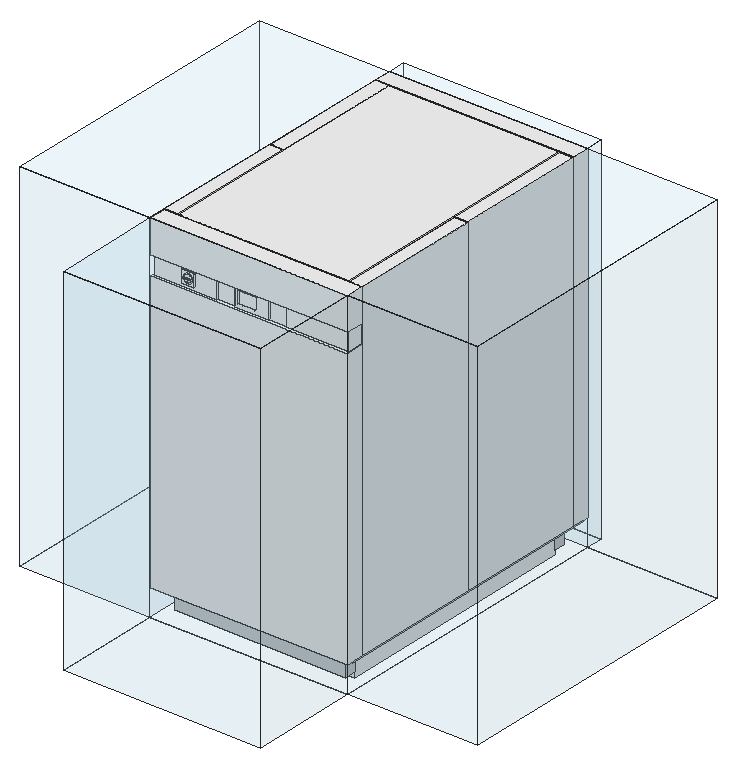
Revit family "VIESSMANN - Vitocal 300-G Pro", category Wyposażenie mechaniczne, Revit 2017
Family settings
  Wymiar okrągłego złącza = Użyj średnicy
  Typ części = Normalny
  Numer OmniClass = 23.75.10.21.17
  Tytuł OmniClass = Water-Source Heat Pumps
  Oparty na płaszczyźnie roboczej = Nie
  Zawsze pionowo = Tak
  Tnij formami wycięć po wczytaniu = Nie
  Współdzielony = Nie
  Punkt obliczania pomieszczeń = Nie
Parameters (values of type "BW 302.D090. Solanka/woda (B0/W35)")
  Średnica odejścia 2 = 65 mm
  Średnica odejścia 1 = 80 mm
  etas MT = 140
  etas LT = 189
  Znamionowa moc grzewcza = 84.8 kW
  Zasilanie elektryczne (V/ph/Hz) = "3LNPE/400 V/50 Hz"
  Zabezpieczenie pompy ciepła = 80 A
  Wysokość całkowita = 1650 mm
  Wydajność chłodnicza = 67.6 kW
  Współczynnik mocy = [Cos Phi sprężarki przy maks. mocy w B20/W35]  # 0.77
  Wielkość napełnienia (wytyczna) = 10.50 kg
  Viessmann Kolor 1 = Viessmann Kolor 1
  URL = "https://www.viessmann-projektant.pl/baza-urzadzen/pompy-ciepla-solankawoda-50-kw/vitocal300gpro"
  Typ = Vitocal 300-G Pro : BW 302.D090, BW 302.D110
  Szerokość przy wstawianiu bez osłon bocznych = 850 mm
  Szerokość całkowita = 911 mm
  System rozruchowy = "Moduł łagodnego rozruchu"
  Strefa serwisowa [instance] = yes
  Stopień ochrony = "IP20"
  Stopień efektywności ε (COP) = 4.67
  SCOP MT = 3.71
  SCOP LT = 4.93
  Rodzaj sprężarki = "Scroll - całkowicie hermetyczna"
  Regulator. Zabezpieczenie (wewnętrzne) = "1 x B16A"
  Regulator. Napięcie znamionowe = "1/N/PE 230 V/50 Hz"
  Regulator. Moc znamionowa = 1000 W
  Regulator. Maks. pobór mocy elektrycznej 2. stopnia = 20 W
  Regulator. Maks. pobór mocy elektrycznej 1. stopnia = 25 W
  Regulator. Maks. pobór mocy elektrycznej 1. i 2. stopnia = 45 W
  Regulator. Klasa ochrony/stopnień ochrony = "IP20"
  Regulator. Bezpiecznik = "T6,3AH/250 V"
  Prąd rozruchowy jednej sprężarki = 87 A
  Producent = "Viessmann Sp. z o.o."
  Poziom mocy akustycznej = "57 dB(A)"
  Podłączenie D wysokość = 639 mm
  Podłączenie D odsunięcie = 300 mm
  Podłączenie C wysokość = 609 mm
  Podłączenie C odsunięcie = 271 mm
  Podłączenie B wysokość = 1169 mm
  Podłączenie B odsunięcie = 300 mm
  Podłączenie A wysokość = 1139 mm
  Podłączenie A odsunięcie = 271 mm
  Pobór mocy elektrycznej = 18.1 kW
  Opis = "Pompy ciepła z napędem elektrycznym do ogrzewania i podgrzewu ciepłej wody użytkowej w jedno- lub dwusystemowych instalacjach grzewczych."
  Odsunięcie od ściany komunikat [instance] = if(Odsunięcie od ściany < 80 mm, "UWAGA. Wymagana jest odległość od ściany ≥ 80 mm", "ok")  # "ok"
  Odsunięcie od ściany [instance] = 80 mm
  Obieg wtórny. Znamionowy przepływ objętościowy (wartość zalecana do projektowania) = 14.7 m³/h
  Obieg wtórny. Różnica temperatur = 5  # 5 °C
  Obieg wtórny. Pojemność wymiennika ciepła (woda) = 15.2 L
  Obieg wtórny. Opór przepływu przy znamionowym przepływie objętościowym (całkowita strata ciśnienia skraplacza z przyłączami) = 6.0 kPa
  Obieg wtórny. Opór przepływu przy minimalnym przepływie objętościowym = 3.0 kPa
  Obieg wtórny. Minimalny przepływ objętościowy = 11.0 m³/h
  Obieg wtórny. Maks. temperatura na zasilaniu na wlocie z obiegu pierwotnego B 0°C = 55 °C
  Obieg wtórny. Maks. temperatura na zasilaniu na wlocie z obiegu pierwotnego B +5°C = 60 °C
  Obieg wtórny. Dop. ciśnienie robocze = 1.0 MPa
  Obieg wtórny od strony zestawu przyłączy (kołnierz) = "DN 65/PN 10"
  Obieg wtórny od strony skraplacza (Victaulic) = "2½\" (DN 65)"
  Obieg pierwotny. Znamionowy przepływ objętościowy (wartość zalecana do projektowania) = 20.5 m³/h
  Obieg pierwotny. Różnica temperatur = 3  # 3 °C
  Obieg pierwotny. Pojemność wymiennika ciepła (solanka) = 10.5 L
  Obieg pierwotny. Opór przepływu przy znamionowym przepływie objętościowym (całkowita strata ciśnienia skraplacza z przyłączami) = 29.0 kPa
  Obieg pierwotny. Opór przepływu przy minimalnym przepływie objętościowym = 16.0 kPa
  Obieg pierwotny. Ochrona przed zamarzaniem/temperatura początku krystalizacji (zalecany czynnik chłodzący Tyfocor) = -16.1 °C
  Obieg pierwotny. Minimalny przepływ objętościowy = 15.4 m³/h
  Obieg pierwotny. Dop. ciśnienie robocze = 1.0 MPa
  Obieg pierwotny od strony zestawu przyłączy (kołnierz) = "DN 80/PN 10"
  Obieg pierwotny od strony parownika (Victaulic) = "3\" (DN 80)"
  Obciążenie pozorne = Całkowity maksymalny pobór mocy / Współczynnik mocy  # 62337.7 VA
  Natężenie znamionowe sprężarek (łącznie) = 40.3 A
  Napięcie znamionowe = 400 V
  Model = "Solankowa pompa ciepła Vitocal 300-G PRO 80kW / Brine-water heat pump Vitocal 300-G PRO 80kW"  # constant formula
  Masa całkowita (urządzenie podstawowe bez opcjonalnej obudowy) = 680.00 kg
  Maks. prąd roboczy = 71 A
  Liczba sprężarek = 2
  Liczba obiegów chłodniczych = 1
  Liczba biegunów = 3  # constant formula
  Ilość oleju = 8.5 L
  Długość całkowita = 1383 mm
  Dopuszczalne ciśnienie robocze. Strona wysokociśnieniowa = 4.5 MPa
  Dopuszczalne ciśnienie robocze. Strona niskociśnieniowa = 1.8 MPa
  Częstotliwość = 50 Hz
  Czynnik chłodniczy = "R410A"
  Cos Phi sprężarki przy maks. mocy w B20/W35 = 0.77
  Całkowity prąd rozruchowy = 145 A
  Całkowity maksymalny pobór mocy = 48.0 kW
  Autor = "www.archispace.pl"
Types (6, lengths in mm): name | etas MT | etas LT | Znamionowa moc grzewcza | Zabezpieczenie pompy ciepła | Wydajność chłodnicza | Współczynnik mocy | Wielkość napełnienia (wytyczna) | Typ | Stopień efektywności ε (COP) | SCOP MT | SCOP LT | Prąd rozruchowy jednej sprężarki | Poziom mocy akustycznej | Pobór mocy elektrycznej | Obieg wtórny. Znamionowy przepływ objętościowy (wartość zalecana do projektowania) | Obieg wtórny. Różnica temperatur | Obieg wtórny. Pojemność wymiennika ciepła (woda) | Obieg wtórny. Opór przepływu przy znamionowym przepływie objętościowym (całkowita strata ciśnienia skraplacza z przyłączami) | Obieg wtórny. Opór przepływu przy minimalnym przepływie objętościowym | Obieg wtórny. Minimalny przepływ objętościowy | Obieg wtórny. Dop. ciśnienie robocze | Obieg pierwotny. Znamionowy przepływ objętościowy (wartość zalecana do projektowania) | Obieg pierwotny. Różnica temperatur | Obieg pierwotny. Pojemność wymiennika ciepła (solanka) | Obieg pierwotny. Opór przepływu przy znamionowym przepływie objętościowym (całkowita strata ciśnienia skraplacza z przyłączami) | Obieg pierwotny. Opór przepływu przy minimalnym przepływie objętościowym | Obieg pierwotny. Minimalny przepływ objętościowy | Obieg pierwotny. Dop. ciśnienie robocze | Obciążenie pozorne | Natężenie znamionowe sprężarek (łącznie) | Masa całkowita (urządzenie podstawowe bez opcjonalnej obudowy) | Maks. prąd roboczy | Ilość oleju | Długość całkowita | Cos Phi sprężarki przy maks. mocy w B20/W35 | Całkowity prąd rozruchowy | Całkowity maksymalny pobór mocy
  (no name) | 140 | 189 | 84.8 kW | 80 A | 67.6 kW | 0.77 | 10.50 kg | Vitocal 300-G Pro : BW 302.D090, BW 302.D110 | 4.67 | 3.71 | 4.93 | 87 A | "57 dB(A)" | 18.1 kW | 14.7 m³/h | 5 (stored number, unit not read) | 15.2 L | 6.0 kPa | 3.0 kPa | 11.0 m³/h | 1.0 MPa | 20.5 m³/h | 3 (stored number, unit not read) | 10.5 L | 29.0 kPa | 16.0 kPa | 15.4 m³/h | 1.0 MPa | 62337.7 VA | 40.3 A | 680.00 kg | 71 A | 8.5 L | 1383 | 0.77 | 145 A | 48.0 kW
  BW 302.D090. Solanka/woda (B0/W35) | 140 | 189 | 84.8 kW | 80 A | 67.6 kW | 0.77 | 10.50 kg | Vitocal 300-G Pro : BW 302.D090, BW 302.D110 | 4.67 | 3.71 | 4.93 | 87 A | "57 dB(A)" | 18.1 kW | 14.7 m³/h | 5 °C | 15.2 L | 6.0 kPa | 3.0 kPa | 11.0 m³/h | 1.0 MPa | 20.5 m³/h | 3 °C | 10.5 L | 29.0 kPa | 16.0 kPa | 15.4 m³/h | 1.0 MPa | 62337.7 VA | 40.3 A | 680.00 kg | 71 A | 8.5 L | 1383 | 0.77 | 145 A | 48.0 kW
  BW 302.D110. Solanka/woda (B0/W35) | 138 | 186 | 108.6 kW | 100 A | 86.4 kW | 0.9 | 13.00 kg | Vitocal 300-G Pro : BW 302.D090, BW 302.D110 | 4.61 | 3.66 | 4.85 | 112.5 A | "63 dB(A)" | 23.5 kW | 19.5 m³/h | 5 °C | 19.2 L | 7.0 kPa | 4.0 kPa | 14.6 m³/h | 0.1 MPa | 27.9 m³/h | 3 °C | 10.5 L | 35.0 kPa | 19.0 kPa | 20.9 m³/h | 0.1 MPa | 66666.7 VA | 44.9 A | 860.00 kg | 83 A | 11.4 L | 1383 | 0.9 | 177 A | 60.0 kW
  BW 302.D140. Solanka/woda (B0/W35) | 140 | 187 | 137.6 kW | 125 A | 109.4 kW | 0.89 | 17.00 kg | Vitocal 300-G Pro : BW 302.D140, BW 302.D180 | 4.63 | 3.69 | 4.89 | 136 A | "66 dB(A)" | 29.7 kW | 23.8 m³/h | 5 °C | 23.2 L | 8.0 kPa | 4.0 kPa | 17.9 m³/h | 0.1 MPa | 33.3 m³/h | 3 °C | 17.4 L | 31.0 kPa | 17.0 kPa | 25.0 m³/h | 0.1 MPa | 82022.5 VA | 57 A | 1150.00 kg | 124 A | 15.6 L | 1972 | 0.89 | 215 A | 73.0 kW
  BW 302.D180. Solanka/woda (B0/W35) | 138 | 188 | 174.8 kW | 80 A | 138.8 kW | 0.77 | 22.00 kg | Vitocal 300-G Pro : BW 302.D140, BW 302.D180 | 4.62 | 3.65 | 4.91 | 87 A | "65 dB(A)" | 37.8 kW | 32.4 m³/h | 5 °C | 28.3 L | 10.0 kPa | 5.0 kPa | 24.3 m³/h | 0.1 MPa | 47.3 m³/h | 3 °C | 23.0 L | 31.0 kPa | 17.0 kPa | 35.4 m³/h | 0.1 MPa | 62337.7 VA | 69.9 A | 150.00 kg | 71 A | 14.6 L | 1972 | 0.77 | 145 A | 48.0 kW
  BW 302.D230. Solanka/woda (B0/W35) | 143 | 193 | 222.0 kW | 200 A | 177.4 kW | 0.88 | 42.30 kg | Vitocal 300-G Pro : BW 302.D230 | 4.72 | 3.77 | 5.03 | 204 A | "57 dB(A)" | 47.0 kW | 38.46 m³/h | 5 °C | 53.6 L | 10.0 kPa | 6.0 kPa | 28.8 m³/h | 0.1 MPa | 53.7 m³/h | 3 °C | 52.4 L | 26.09 kPa | 15.0 kPa | 40.3 m³/h | 0.1 MPa | 122727.3 VA | 85.6 A | 680.00 kg | 182 A | 14.6 L | 1972 | 0.88 | 312 A | 108.0 kW
Reference planes
  plane 1 "Środek (Przód/Tył)": y = -30
  plane 2: z = 0
  plane 3 "Środek (Lewa/Prawa)": x = 0
  plane 4: y = 50
  plane 5: y = -1413
Forms (mm)
  Extrusion 1, solid, material "Viessmann Strefy Serwisowe", visible <- "Strefa serwisowa"
    sketch origin (0, 0, 0) x (1, 0, 0) y (0, 1, 0)
      loop
        line (-455.5, -30) -> (-1055.5, -30) -> (-1055.5, -1413) -> (-455.5, -1413) -> (-455.5, -30)
    from 0 to 1650
  Extrusion 2, solid, material "Viessmann Strefy Serwisowe", visible <- "Strefa serwisowa"
    sketch origin (0, 0, 0) x (-1, 0, 0) y (0, -1, 0)
      loop
        line (-455.5, 30) -> (-455.5, 1413) -> (-1055.5, 1413) -> (-1055.5, 30) -> (-455.5, 30)
    from 0 to 1650
  Extrusion 3, solid, material "Viessmann Strefy Serwisowe", visible <- "Strefa serwisowa"
    sketch origin (1476.269, 2188.659, 0) x (1, 0, 0) y (0, 1, 0)
      loop
        line (-1020.769, -2138.659) -> (-1931.769, -2138.659) -> (-1931.769, -2218.659) -> (-1020.769, -2218.659) -> (-1020.769, -2138.659)
    from 0 to 1650
  Extrusion 4, solid, material "Viessmann Strefy Serwisowe", visible <- "Strefa serwisowa"
    sketch origin (1476.269, 248.659, 0) x (1, 0, 0) y (0, 1, 0)
      loop
        line (-1020.769, -1661.659) -> (-1931.769, -1661.659) -> (-1931.769, -2161.659) -> (-1020.769, -2161.659) -> (-1020.769, -1661.659)
    from 0 to 1650
  Sweep 5, solid, not visible
    path origin (0, 0, 0) x (0, 1, 0) y (0, 0, 1)
      loop
        line (-30, 0) -> (-80, 0)
    profile origin (0, -55, 0) x (0, 0, -1) y (1, 0, 0)
      loop
        circle (-1139, 184.5) r 5
      loop
        circle (-1169, -155.5) r 5
      loop
        circle (-609, 184.5) r 5
      loop
        circle (-639, -155.5) r 5
Dimensions and locks
  locked: Extrusion 1 sketch curve to Extrusion 1 sketch curve at 600
  locked: Extrusion 2 sketch curve to Extrusion 2 sketch curve at 600
  Extrusion 3 sketch curve to Extrusion 3 sketch curve = 911 mm
  Extrusion 4 to Extrusion 4 = 500 mm
  locked: Extrusion 1 sketch curve to plane 3 "Środek (Lewa/Prawa)" at 455.5
  plane 3 "Środek (Lewa/Prawa)" to Extrusion 2 sketch curve = 455.5 mm
  locked: Extrusion 4 sketch curve to Extrusion 4 sketch curve at 500
  "Odsunięcie od ściany": plane 1 "Środek (Przód/Tył)" to plane 4
  "Długość całkowita": plane 5 to plane 1 "Środek (Przód/Tył)"
  locked: plane 1 "Środek (Przód/Tył)" to Sweep 5 sketch curve at 50
  "Podłączenie A wysokość": level to Sweep 5 sketch curve
  "Podłączenie C wysokość": level to Sweep 5 sketch curve
  "Podłączenie B wysokość": level to Sweep 5 sketch curve
  "Podłączenie D wysokość": level to Sweep 5 sketch curve
  "Podłączenie C odsunięcie": Sweep 5 sketch curve to Extrusion 3
  "Podłączenie A odsunięcie": Extrusion 3 to Sweep 5 sketch curve
  "Podłączenie B odsunięcie": Extrusion 3 to Sweep 5 sketch curve
  "Podłączenie D odsunięcie": Extrusion 3 to Sweep 5 sketch curve
  aligned and locked: level to plane 2
  aligned and locked: Extrusion 1 to plane 5
  aligned and locked: Extrusion 1 to Extrusion 2
  aligned and locked: Extrusion 4 to Extrusion 1
  aligned and locked: Extrusion 1 to plane 1 "Środek (Przód/Tył)"
  aligned and locked: Extrusion 2 to plane 1 "Środek (Przód/Tył)"
  aligned and locked: plane 1 "Środek (Przód/Tył)" to nested 1
  aligned and locked: plane 1 "Środek (Przód/Tył)" to Sweep 5 sketch curve
Automatic sketch dimensions
  plane 1 "Środek (Przód/Tył)" to Extrusion 1 sketch curve = 0 mm
  plane 5 to Extrusion 1 sketch curve = 0 mm
  Extrusion 2 sketch curve to plane 1 "Środek (Przód/Tył)" = 0 mm
  Extrusion 2 sketch curve to plane 5 = 0 mm
  Extrusion 3 sketch curve to plane 4 = 0 mm
  plane 1 "Środek (Przód/Tył)" to Extrusion 3 sketch curve = 0 mm
  Extrusion 3 sketch curve to plane 3 "Środek (Lewa/Prawa)" = 455.5 mm
  Extrusion 4 sketch curve to plane 5 = 0 mm
  Extrusion 4 sketch curve to plane 3 "Środek (Lewa/Prawa)" = 455.5 mm
  plane 3 "Środek (Lewa/Prawa)" to Extrusion 4 sketch curve = 455.5 mm
  Sweep 5 sketch curve to level = 0 mm
  radius of Sweep 5 sketch curve = 5 mm  (x4)
Nested families
  nested 1: "Vitocal 300-G Pro" at (0, -30, 0), type <- "Typ", type "BW 302.D090, BW 302.D110"
Connectors
  electrical at (-341, -22, 1565.5), driven by "Liczba biegunów", driven by "Napięcie znamionowe", driven by "Współczynnik mocy", driven by "Obciążenie pozorne", driven by "Obciążenie pozorne"
    settings: on nested 1, index 1, voltage 400 V, apparent load 62337.7 VA, apparent load phase1 62337.7 VA, apparent load phase2 0 VA, apparent load phase3 0 VA, power factor 0.77, load classification "Moc", number of poles 3, system type 30, power factor state 1, is connector primary yes, connector utility no, sub classification motor no, connector description ""
  piping at (184.5, -30, 1139), diameter 80, driven by "Średnica odejścia 1", driven by "Obieg pierwotny. Znamionowy przepływ objętościowy (wartość zalecana do projektowania)"
    settings: on Sweep 5, index 2, connector inside diameter 609.6 mm, connector length 0 mm, flow factor 0, pipe flow 20.5 m³/h, pressure drop 0.0 kPa, fitting loss kfactor 0, connector angle 0.00°, fixture units 0, engagement length 0 mm, angle of deflection 0.00°, flow configuration 1, flow direction 2, fitting loss method 0, system type 7, joint type 0, gender type 0, connector reference index -1, connector utility 0, adjustable connector no, is connector primary yes, connector description ""
  piping at (-155.5, -30, 639), diameter 65, driven by "Średnica odejścia 2", driven by "Obieg wtórny. Znamionowy przepływ objętościowy (wartość zalecana do projektowania)"
    settings: on Sweep 5, index 3, connector inside diameter 609.6 mm, connector length 0 mm, flow factor 0, pipe flow 14.7 m³/h, pressure drop 0.0 kPa, fitting loss kfactor 0, connector angle 0.00°, fixture units 0, engagement length 0 mm, angle of deflection 0.00°, flow configuration 1, flow direction 1, fitting loss method 0, system type 8, joint type 0, gender type 0, connector reference index -1, connector utility 0, adjustable connector no, is connector primary no, connector description ""
  piping at (184.5, -30, 609), diameter 80, driven by "Obieg pierwotny. Znamionowy przepływ objętościowy (wartość zalecana do projektowania)", driven by "Średnica odejścia 1"
    settings: on Sweep 5, index 4, connector inside diameter 609.6 mm, connector length 0 mm, flow factor 0, pipe flow 20.5 m³/h, pressure drop 0.0 kPa, fitting loss kfactor 0, connector angle 0.00°, fixture units 0, engagement length 0 mm, angle of deflection 0.00°, flow configuration 1, flow direction 1, fitting loss method 0, system type 8, joint type 0, gender type 0, connector reference index -1, connector utility 0, adjustable connector no, is connector primary no, connector description ""
  piping at (-155.5, -30, 1169), diameter 65, driven by "Średnica odejścia 2", driven by "Obieg wtórny. Znamionowy przepływ objętościowy (wartość zalecana do projektowania)"
    settings: on Sweep 5, index 5, connector inside diameter 609.6 mm, connector length 0 mm, flow factor 0, pipe flow 14.7 m³/h, pressure drop 0.0 kPa, fitting loss kfactor 0, connector angle 0.00°, fixture units 0, engagement length 0 mm, angle of deflection 0.00°, flow configuration 1, flow direction 2, fitting loss method 0, system type 7, joint type 0, gender type 0, connector reference index -1, connector utility 0, adjustable connector no, is connector primary no, connector description ""
  electrical at (0, -30, 825)
    settings: on nested 1, index 6, voltage 0 V, apparent load 0 VA, apparent load phase1 0 VA, apparent load phase2 0 VA, apparent load phase3 0 VA, power factor 1, load classification "Inne", number of poles 1, system type 13, power factor state 1, is connector primary no, connector utility no, sub classification motor no, connector description ""
Definition of nested family "Vitocal 300-G Pro"
  Parameters (values of type "BW 302.D090, BW 302.D110")
    Podłączenie D wysokość = 639 mm
    Podłączenie D odsunięcie = 300 mm
    Podłączenie C wysokość = 609 mm
    Podłączenie C odsunięcie = 271 mm
    Podłączenie B wysokość = 1169 mm
    Podłączenie B odsunięcie = 300 mm
    Podłączenie A wysokość = 1139 mm
    Podłączenie A odsunięcie = 271 mm
    Materiał = none
    Długość = 1380 mm
  Types (3, lengths in mm): name | Podłączenie D wysokość | Podłączenie D odsunięcie | Podłączenie C wysokość | Podłączenie C odsunięcie | Podłączenie B wysokość | Podłączenie B odsunięcie | Podłączenie A wysokość | Podłączenie A odsunięcie | Długość
    BW 302.D090, BW 302.D110 | 639 | 300 | 609 | 271 | 1169 | 300 | 1139 | 271 | 1380
    BW 302.D140, BW 302.D180 | 639 | 300 | 609 | 271 | 1169 | 300 | 1139 | 271 | 1972
    BW 302.D230 | 508 | 367 | 643 | 368 | 1105 | 367 | 1240 | 368 | 1972
  Reference planes
    plane 1 "Center (Front/Back)": y = 0
    plane 2: z = 0
    plane 3 "Center (Left/Right)": x = 0
    plane 4: y = -1380
    plane 5: z = 1650
    plane 6: z = 124
    plane 7: x = 455.5
    plane 8: x = 455.5
    plane 9: x = -455.5
    plane 10: y = -1380
    plane 11: y = -1298
    plane 12: y = -1362.5
    plane 13: y = -1366
  Forms (mm)
    Extrusion 1, solid, material <- "Materiał", detail levels fine
      sketch origin (0, -876.5, 0) x (1, 0, 0) y (0, 1, 0)
        loop
          line (-455.5, -421.5) -> (455.5, -421.5) -> (455.5, 794.5) -> (-455.5, 794.5) -> (-455.5, -421.5)
      from 124 to 1650
    Extrusion 2, solid, material <- "Materiał", detail levels fine
      sketch origin (0, 177.022, 0) x (0, 1, 0) y (0, 0, 1)
        loop
          line (-291.022, 120) -> (-1443.022, 120) -> (-1443.022, 0) -> (-291.022, 0) -> (-291.022, 120)
      from -395.5 to 395.5
    Sweep 3, void
      path origin (0, 0, 0) x (0, 1, 0) y (0, 0, 1)
        loop
          line (0, 1650) -> (0, 124)
      profile origin (0, 0, 887) x (1, 0, 0) y (0, 1, 0)
        loop
          line (-453.5, -1300) -> (-453.5, -1296) -> (-455.5, -1296) -> (-455.5, -1300) -> (-453.5, -1300)
        loop
          line (-453.5, -84) -> (-453.5, -80) -> (-455.5, -80) -> (-455.5, -84) -> (-453.5, -84)
        loop
          line (453.5, -1300) -> (455.5, -1300) -> (455.5, -1296) -> (453.5, -1296) -> (453.5, -1300)
        loop
          line (453.5, -84) -> (455.5, -84) -> (455.5, -80) -> (453.5, -80) -> (453.5, -84)
        loop
          line (-453.5, -693) -> (-453.5, -689) -> (-455.5, -689) -> (-455.5, -693) -> (-453.5, -693)
        loop
          line (453.5, -693) -> (455.5, -693) -> (455.5, -689) -> (453.5, -689) -> (453.5, -693)
        loop
          line (-453.5, -1892) -> (-453.5, -1888) -> (-455.5, -1888) -> (-455.5, -1892) -> (-453.5, -1892)
        loop
          line (453.5, -1892) -> (455.5, -1892) -> (455.5, -1888) -> (453.5, -1888) -> (453.5, -1892)
    Extrusion 4, solid, detail levels fine
      sketch origin (0, 0, 0) x (0, 1, 0) y (0, 0, 1)
        loop
          line (-29, 124) -> (-1351, 124) -> (-1351, 120) -> (-29, 120) -> (-29, 124)
      from -455.5 to 455.5
    Extrusion 5, solid, detail levels fine
      sketch origin (0, 0, 0) x (0, 1, 0) y (0, 0, 1)
        loop
          line (-114, 120) -> (-114, 22.5) -> (-64, 22.5) -> (-64, 120) -> (-114, 120)
        loop
          line (-1266, 120) -> (-1316, 120) -> (-1316, 22.5) -> (-1266, 22.5) -> (-1266, 120)
      from -395.5 to 395.5
    Sweep 6, void
      path origin (0, 0, 0) x (1, 0, 0) y (0, 1, 0)
        loop
          line (-455.5, 0) -> (455.5, 0)
      profile origin (0, 0, 0) x (0, 1, 0) y (0, 0, 1)
        loop
          line (-80, 1650) -> (-84, 1650) -> (-84, 1648) -> (-80, 1648) -> (-80, 1650)
        loop
          line (-1296, 1650) -> (-1300, 1650) -> (-1300, 1648) -> (-1296, 1648) -> (-1296, 1650)
    Sweep 7, void
      path origin (0, 0, 0) x (1, 0, 0) y (0, 1, 0)
        loop
          line (0, -82) -> (0, -1298)
      profile origin (0, -690, 0) x (1, 0, 0) y (0, 0, 1)
        loop
          line (-391.5, 1650) -> (-395.5, 1650) -> (-395.5, 1648) -> (-391.5, 1648) -> (-391.5, 1650)
        loop
          line (391.5, 1650) -> (391.5, 1648) -> (395.5, 1648) -> (395.5, 1650) -> (391.5, 1650)
    Extrusion 8, void
      sketch origin (0, 0, 0) x (0, 1, 0) y (0, 0, 1)
        loop
          line (-693, 1650) -> (-693, 1648) -> (-689, 1648) -> (-689, 1650) -> (-693, 1650)
        loop
          line (-1300, 1650) -> (-1300, 1648) -> (-1296, 1648) -> (-1296, 1650) -> (-1300, 1650)
      from 395.5 to 455.5
    Extrusion 9, void
      sketch origin (0, 0, 0) x (0, 1, 0) y (0, 0, -1)
        loop
          line (-693, -1650) -> (-689, -1650) -> (-689, -1648) -> (-693, -1648) -> (-693, -1650)
        loop
          line (-1300, -1650) -> (-1296, -1650) -> (-1296, -1648) -> (-1300, -1648) -> (-1300, -1650)
      from 395.5 to 455.5
    Extrusion 10, solid, material <- "Materiał", detail levels fine
      sketch origin (0, 0, 0) x (1, 0, 0) y (0, 0, 1)
        loop
          arc (-317.5, 1483) -> (-319.268, 1482.268) -> (-320, 1480.5) r 2.5
          line (-320, 1480.5) -> (-320, 1427.5)
          arc (-320, 1427.5) -> (-319.268, 1425.732) -> (-317.5, 1425) r 2.5
          line (-317.5, 1425) -> (-264.5, 1425)
          arc (-264.5, 1425) -> (-262.732, 1425.732) -> (-262, 1427.5) r 2.5
          line (-262, 1427.5) -> (-262, 1480.5)
          arc (-262, 1480.5) -> (-262.732, 1482.268) -> (-264.5, 1483) r 2.5
          line (-264.5, 1483) -> (-317.5, 1483)
        loop
          circle (-291, 1454) r 21
      from 1366 to 1370
    Extrusion 11, solid, material <- "Materiał", detail levels fine
      sketch origin (0, -303.004, 0) x (0, 1, 0) y (0, 0, 1)
        loop
          line (-994.996, 1410) -> (-1076.996, 1410) -> (-1076.996, 124) -> (-994.996, 124) -> (-994.996, 1410)
      from -455.5 to 455.5
    Extrusion 12, solid, material <- "Materiał", detail levels fine
      sketch origin (0, -303.004, 920) x (0, 1, 0) y (0, 0, 1)
        loop
          line (-994.996, 730) -> (-1076.996, 730) -> (-1076.996, 578) -> (-994.996, 578) -> (-994.996, 730)
      from -455.5 to 455.5
    Extrusion 13, solid, material <- "Materiał", detail levels fine
      sketch origin (0, -303.004, 660) x (0, 1, 0) y (0, 0, 1)
        loop
          line (-994.996, 838) -> (-1062.996, 838) -> (-1062.996, 750) -> (-994.996, 750) -> (-994.996, 838)
      from -449 to -161
    Extrusion 14, solid, material <- "Materiał", detail levels fine
      sketch origin (0, -303.004, 660) x (0, 1, 0) y (0, 0, 1)
        loop
          line (-994.996, 838) -> (-1062.996, 838) -> (-1062.996, 750) -> (-994.996, 750) -> (-994.996, 838)
      from -80 to 80
    Extrusion 15, solid, material <- "Materiał", detail levels fine
      sketch origin (0, -303.004, 660) x (0, 1, 0) y (0, 0, 1)
        loop
          line (-994.996, 838) -> (-1062.996, 838) -> (-1062.996, 750) -> (-994.996, 750) -> (-994.996, 838)
      from 161 to 449
    Extrusion 16, solid, material <- "Materiał", detail levels fine
      sketch origin (0, -305.504, 605) x (0, 1, 0) y (0, 0, 1)
        loop
          line (-992.496, 893) -> (-1056.996, 893) -> (-1056.996, 805) -> (-992.496, 805) -> (-992.496, 893)
      from 80 to 161
    Extrusion 17, solid, material <- "Materiał", detail levels fine
      sketch origin (0, -303.004, 605) x (0, 1, 0) y (0, 0, -1)
        loop
          line (-994.996, -893) -> (-994.996, -805) -> (-1059.496, -805) -> (-1059.496, -893) -> (-994.996, -893)
      from 80 to 161
    Extrusion 18, solid, material <- "Materiał", detail levels fine
      sketch origin (0, -1380, 0) x (0, -1, 0) y (0, 0, -1)
        loop
          line (-1298, -1650) -> (-1298, -124) -> (-1380, -124) -> (-1380, -1650) -> (-1298, -1650)
      from -455.5 to 455.5
    Extrusion 19, void
      sketch origin (0, 0, 0) x (1, 0, 0) y (0, 0, 1)
        loop
          line (-63, 1484) -> (-63, 1428) -> (21, 1428) -> (21, 1484) -> (-63, 1484)
      from 1364 to 1380
    Extrusion 20, solid, material <- "Materiał", detail levels fine
      sketch origin (0, 0, 0) x (1, 0, 0) y (0, 0, 1)
        loop
          circle (-291, 1454) r 21
      from 1370 to 1366
    Sweep 21, void
      path in 3D
        loop
          arc (-270, -1370, 1454) -> (-291, -1370, 1433) -> (-312, -1370, 1454) r 21
          arc (-312, -1370, 1454) -> (-291, -1370, 1475) -> (-270, -1370, 1454) r 21
      profile origin (-291, -1370, 1475) x (0, 0, 1) y (0, -1, 0)
        loop
          line (0, 0) -> (-2, 0)
          arc (-2, 0) -> (-0.586, -0.586) -> (0, -2) r 2
          line (0, -2) -> (0, 0)
    Extrusion 22, solid, material <- "Materiał", detail levels fine
      sketch origin (0, 0, 0) x (1, 0, 0) y (0, 0, 1)
        loop
          arc (-309, 1456) -> (-311, 1454) -> (-309, 1452) r 2
          line (-309, 1452) -> (-273, 1452)
          arc (-273, 1452) -> (-271, 1454) -> (-273, 1456) r 2
          line (-273, 1456) -> (-309, 1456)
      from 1370 to 1376
    Extrusion 23, solid
      sketch origin (0, 0, 1370) x (0, 0, -1) y (-1, 0, 0)
        loop
          circle (-195.5, 341) r 32.5
      from 0 to 8
    Extrusion 24, solid
      sketch origin (0, 0, 1370) x (0, 0, -1) y (-1, 0, 0)
        loop
          circle (-195.5, 247) r 30.5
        loop
          circle (-195.5, 162) r 30.5
        loop
          circle (-195.5, 77) r 30.5
        loop
          circle (-195.5, -8) r 30.5
      from 0 to 5
    Extrusion 25, void
      sketch origin (0, 0, 0) x (1, 0, 0) y (0, 0, 1)
        loop
          circle (184.5, 1139) r 40
      from 5 to 0
    Extrusion 26, void
      sketch origin (0, 0, 0) x (1, 0, 0) y (0, 0, 1)
        loop
          circle (-155.5, 1169) r 32.5
      from 5 to 0
    Extrusion 27, void
      sketch origin (0, 0, 0) x (1, 0, 0) y (0, 0, 1)
        loop
          circle (184.5, 609) r 40
      from 5 to 0
    Extrusion 28, void
      sketch origin (0, 0, 0) x (1, 0, 0) y (0, 0, 1)
        loop
          circle (-155.5, 639) r 32.5
      from 5 to 0
    Extrusion 29, solid, material <- "Materiał", detail levels medium
      sketch origin (0, 177.022, 0) x (0, 1, 0) y (0, 0, 1)
        loop
          line (-241.022, 124) -> (-1493.022, 124) -> (-1493.022, 0) -> (-241.022, 0) -> (-241.022, 124)
      from -395.5 to 395.5
    Extrusion 30, solid, material <- "Materiał", detail levels medium
      sketch origin (0, -303.004, 0) x (0, 1, 0) y (0, 0, 1)
        loop
          line (-994.996, 1650) -> (-1076.996, 1650) -> (-1076.996, 124) -> (-994.996, 124) -> (-994.996, 1650)
      from -455.5 to 455.5
    Extrusion 31, solid, material <- "Materiał", detail levels medium
      sketch origin (0, -1380, 0) x (0, -1, 0) y (0, 0, -1)
        loop
          line (-1298, -1650) -> (-1298, -124) -> (-1380, -124) -> (-1380, -1650) -> (-1298, -1650)
      from -455.5 to 455.5
    Extrusion 32, solid, material <- "Materiał", detail levels medium
      sketch origin (0, -876.5, 0) x (1, 0, 0) y (0, 1, 0)
        loop
          line (-455.5, -421.5) -> (455.5, -421.5) -> (455.5, 794.5) -> (-455.5, 794.5) -> (-455.5, -421.5)
      from 124 to 1650
    Extrusion 33, solid, detail levels coarse
      sketch origin (0, 0, 0) x (0, 1, 0) y (0, 0, 1)
        loop
          line (0, 1650) -> (-1380, 1650) -> (-1380, 0) -> (0, 0) -> (0, 1650)
      from -455.5 to 455.5
  Cuts and joins
    Extrusion 19 cuts Extrusion 14
    Sweep 21 cuts Extrusion 20
    Sweep 3, Sweep 6, Sweep 7, Extrusion 8, Extrusion 9 cuts Extrusion 1
    Sweep 3 cuts Extrusion 11
    Sweep 3, Sweep 6 cuts Extrusion 12
    Sweep 3, Sweep 6, Extrusion 25, Extrusion 26, Extrusion 27, Extrusion 28 cuts Extrusion 18
    joined: Extrusion 1, Extrusion 11, Extrusion 12, Extrusion 18
    Extrusion 25, Extrusion 26, Extrusion 27, Extrusion 28 cuts Extrusion 33
    Extrusion 25, Extrusion 26, Extrusion 27, Extrusion 28 cuts Extrusion 31
  Lines and regions (mm)
    sketch lines
      curve 1: arc (-312, -1370, 1454) -> (-291, -1370, 1475) -> (-270, -1370, 1454) r 21
      curve 2: arc (-270, -1370, 1454) -> (-291, -1370, 1433) -> (-312, -1370, 1454) r 21
  Dimensions and locks
    plane 5 to level = 1650 mm
    plane 6 to level = 124 mm
    plane 7 to plane 3 "Center (Left/Right)" = 455.5 mm
    "Podłączenie A wysokość": level to Extrusion 25 sketch curve
    equal spacing: plane 9, plane 3 "Center (Left/Right)", plane 8
    locked: plane 9 to plane 8 at 911
    "Podłączenie A odsunięcie": Extrusion 25 sketch curve to plane 8
    "Podłączenie B wysokość": level to Extrusion 26 sketch curve
    "Podłączenie C wysokość": level to Extrusion 27 sketch curve
    "Podłączenie D wysokość": level to Extrusion 28 sketch curve
    "Podłączenie D odsunięcie": plane 9 to Extrusion 28 sketch curve
    "Podłączenie B odsunięcie": plane 9 to Extrusion 26 sketch curve
    "Podłączenie C odsunięcie": Extrusion 27 sketch curve to plane 8
    "Długość": plane 1 "Center (Front/Back)" to plane 10
    locked: plane 11 to plane 10 at 82
    locked: plane 13 to plane 10 at 14
    locked: plane 12 to plane 13 at 3.5
    locked: cut or joined group of Extrusion 14, Extrusion 19 to plane 13 at 2
    locked: plane 13 to Extrusion 10 at 4
    locked: plane 13 to Extrusion 22 at 10
    locked: Sweep 6 sketch curve to plane 11 at 2
    locked: plane 11 to Sweep 6 sketch curve at 2
    locked: plane 1 "Center (Front/Back)" to Extrusion 8 at 689
    locked: plane 1 "Center (Front/Back)" to Extrusion 8 at 693
    locked: Extrusion 5 sketch curve to plane 10 at 64
    locked: Extrusion 5 sketch curve to Extrusion 5 sketch curve at 50
    locked: plane 1 "Center (Front/Back)" to Extrusion 4 sketch curve at 29
    locked: Extrusion 4 sketch curve to plane 10 at 29
    locked: Extrusion 29 sketch curve to plane 10 at 64
    locked: plane 1 "Center (Front/Back)" to Extrusion 29 sketch curve at 64
    aligned and locked: level to plane 2
    aligned and locked: Extrusion 12 sketch curve to plane 10
    aligned and locked: plane 11 to Extrusion 12 sketch curve
    aligned and locked: Extrusion 11 to plane 11
    aligned and locked: plane 10 to Extrusion 11
    aligned and locked: plane 11 to Extrusion 13 sketch curve
    aligned and locked: Extrusion 13 sketch curve to plane 13
    aligned and locked: plane 11 to Extrusion 14 sketch curve
    aligned and locked: Extrusion 14 sketch curve to plane 13
    aligned and locked: Extrusion 17 sketch curve to plane 12
    aligned and locked: plane 11 to Extrusion 17 sketch curve
    aligned and locked: plane 11 to Extrusion 15 sketch curve
    aligned and locked: Extrusion 15 sketch curve to plane 13
    aligned and locked: plane 11 to Extrusion 16 sketch curve
    aligned and locked: Extrusion 16 sketch curve to plane 12
    aligned and locked: cut or joined group of Extrusion 14, Extrusion 19 to plane 13
    aligned and locked: Extrusion 10 to plane 13
    aligned and locked: Extrusion 22 to Extrusion 10
    aligned and locked: plane 10 to Extrusion 19
    aligned and locked: cut or joined group of Extrusion 20, Sweep 21 to plane 13
    aligned and locked: Extrusion 10 to Extrusion 20
    aligned and locked: plane 11 to Sweep 7 sketch curve
    aligned and locked: Extrusion 2 sketch curve to Extrusion 5
    aligned and locked: plane 11 to cut or joined group of Extrusion 1, Sweep 3, Sweep 6, Sweep 7, Extrusion 8, Extrusion 9, Extrusion 11, Extrusion 12, Extrusion 18, Extrusion 25, Extrusion 26, Extrusion 27, Extrusion 28
    aligned and locked: Extrusion 29 sketch curve to plane 6
    aligned and locked: Extrusion 30 sketch curve to plane 10
    aligned and locked: plane 11 to Extrusion 30 sketch curve
    aligned and locked: plane 11 to Extrusion 32
    aligned and locked: plane 1 "Center (Front/Back)" to Extrusion 33 sketch curve
    aligned and locked: level to Extrusion 33 sketch curve
    aligned and locked: Extrusion 33 sketch curve to plane 5
    aligned and locked: Extrusion 33 sketch curve to plane 10
  Automatic sketch dimensions
    Extrusion 1 sketch curve to plane 9 = 0 mm
    Extrusion 1 sketch curve to plane 7 = 0 mm
    plane 11 to Extrusion 1 sketch curve = 0 mm
    plane 1 "Center (Front/Back)" to Extrusion 1 sketch curve = 82 mm
    Extrusion 2 sketch curve to level = 0 mm
    plane 1 "Center (Front/Back)" to Extrusion 2 sketch curve = 114 mm
    Extrusion 2 sketch curve to plane 6 = 4 mm
    Sweep 3 sketch curve to plane 1 "Center (Front/Back)" = 0 mm
    Sweep 3 sketch curve to plane 6 = 0 mm
    Sweep 3 sketch curve to plane 5 = 0 mm
    profile plane to Sweep 3 sketch curve = 84 mm  (x2)
    Sweep 3 sketch curve to plane 3 "Center (Left/Right)" = 455.5 mm  (x4)
    Sweep 3 sketch curve to Sweep 3 sketch curve = 2 mm  (x8)
    plane 3 "Center (Left/Right)" to Sweep 3 sketch curve = 453.5 mm  (x4)
    Sweep 3 sketch curve to Sweep 3 sketch curve = 605 mm  (x2)
    Sweep 3 sketch curve to Sweep 3 sketch curve = 4 mm  (x8)
    Sweep 3 sketch curve to Sweep 3 sketch curve = 603 mm  (x2)
    Sweep 3 sketch curve to Sweep 3 sketch curve = 588 mm  (x2)
    Extrusion 4 sketch curve to plane 6 = 0 mm
    Extrusion 4 sketch curve to Extrusion 4 sketch curve = 4 mm
    Extrusion 5 sketch curve to plane 6 = 4 mm  (x2)
    plane 1 "Center (Front/Back)" to Extrusion 5 sketch curve = 114 mm
    level to Extrusion 5 sketch curve = 22.5 mm  (x2)
    Extrusion 5 sketch curve to Extrusion 5 sketch curve = 50 mm
    plane 1 "Center (Front/Back)" to Sweep 6 sketch curve = 0 mm
    Sweep 6 sketch curve to plane 9 = 0 mm
    Sweep 6 sketch curve to plane 7 = 0 mm
    profile plane to Sweep 6 sketch curve = 84 mm
    Sweep 6 sketch curve to Sweep 6 sketch curve = 4 mm
    level to Sweep 6 sketch curve = 1648 mm
    Sweep 6 sketch curve to Sweep 6 sketch curve = 0 mm
    Sweep 6 sketch curve to Sweep 6 sketch curve = 2 mm  (x2)
    Sweep 7 sketch curve to plane 3 "Center (Left/Right)" = 0 mm
    plane 1 "Center (Front/Back)" to Sweep 7 sketch curve = 82 mm
    profile plane to Sweep 7 sketch curve = 395.5 mm
    Sweep 7 sketch curve to Sweep 7 sketch curve = 4 mm  (x2)
    Sweep 7 sketch curve to profile plane = 391.5 mm
    level to Sweep 7 sketch curve = 1648 mm
    Sweep 7 sketch curve to Sweep 7 sketch curve = 0 mm
    Sweep 7 sketch curve to Sweep 7 sketch curve = 2 mm  (x2)
    Extrusion 8 sketch curve to plane 5 = 0 mm  (x2)
    plane 11 to Extrusion 8 sketch curve = 2 mm
    Extrusion 8 sketch curve to plane 11 = 2 mm
    Extrusion 8 sketch curve to plane 5 = 2 mm  (x2)
    Extrusion 8 sketch curve to Extrusion 8 sketch curve = 603 mm
    Extrusion 8 sketch curve to Extrusion 8 sketch curve = 4 mm
    Extrusion 9 sketch curve to plane 5 = 0 mm  (x2)
    plane 11 to Extrusion 9 sketch curve = 2 mm
    Extrusion 9 sketch curve to plane 11 = 2 mm
    Extrusion 9 sketch curve to plane 5 = 2 mm  (x2)
    Extrusion 9 sketch curve to Extrusion 9 sketch curve = 603 mm
    Extrusion 9 sketch curve to Extrusion 9 sketch curve = 4 mm
    Extrusion 10 sketch curve to plane 9 = 135.5 mm
    Extrusion 10 sketch curve to Extrusion 10 sketch curve = 2.5 mm  (x3)
    Extrusion 10 sketch curve to Extrusion 10 sketch curve = 26.5 mm  (x5)
    Extrusion 10 sketch curve to plane 5 = 225 mm
    Extrusion 11 sketch curve to plane 4 = 0 mm
    Extrusion 11 sketch curve to plane 6 = 0 mm
    Extrusion 11 sketch curve to plane 11 = 0 mm
    Extrusion 11 sketch curve to plane 5 = 240 mm
    Extrusion 12 sketch curve to plane 5 = 0 mm
    Extrusion 12 sketch curve to plane 5 = 152 mm
    Extrusion 13 sketch curve to plane 5 = 240 mm
    Extrusion 13 sketch curve to Extrusion 13 sketch curve = 88 mm
    Extrusion 14 sketch curve to plane 5 = 240 mm
    Extrusion 14 sketch curve to Extrusion 14 sketch curve = 88 mm
    Extrusion 15 sketch curve to plane 5 = 240 mm
    Extrusion 15 sketch curve to Extrusion 15 sketch curve = 88 mm
    Extrusion 16 sketch curve to plane 5 = 240 mm
    Extrusion 16 sketch curve to Extrusion 16 sketch curve = 88 mm
    Extrusion 17 sketch curve to plane 5 = 152 mm
    Extrusion 17 sketch curve to Extrusion 17 sketch curve = 88 mm
    Extrusion 18 sketch curve to plane 1 "Center (Front/Back)" = 0 mm
    Extrusion 18 sketch curve to plane 6 = 0 mm
    Extrusion 18 sketch curve to plane 5 = 0 mm
    plane 1 "Center (Front/Back)" to Extrusion 18 sketch curve = 82 mm
    Extrusion 19 sketch curve to plane 3 "Center (Left/Right)" = 63 mm
    plane 3 "Center (Left/Right)" to Extrusion 19 sketch curve = 21 mm
    Extrusion 19 sketch curve to plane 5 = 222 mm
    Extrusion 19 sketch curve to Extrusion 19 sketch curve = 56 mm
    Extrusion 20 sketch curve to plane 9 = 164.5 mm
    Extrusion 20 sketch curve to plane 5 = 196 mm
    Sweep 21 sketch curve to profile plane = 0 mm
    profile plane to Sweep 21 sketch curve = 0 mm
    profile plane to Sweep 21 sketch curve = 2 mm
    Extrusion 22 sketch curve to plane 9 = 146.5 mm
    Extrusion 22 sketch curve to Extrusion 22 sketch curve = 36 mm
    Extrusion 22 sketch curve to plane 5 = 198 mm
    Extrusion 22 sketch curve to Extrusion 22 sketch curve = 2 mm
    Extrusion 23 sketch curve to Extrusion 18 = 84.5 mm
    Extrusion 18 to Extrusion 23 sketch curve = 114.5 mm
    Extrusion 24 sketch curve to Extrusion 18 = 84.5 mm  (x4)
    Extrusion 18 to Extrusion 24 sketch curve = 447.5 mm
    Extrusion 24 sketch curve to Extrusion 24 sketch curve = 85 mm  (x3)
    Extrusion 29 sketch curve to level = 0 mm
    Extrusion 30 sketch curve to plane 6 = 0 mm
    Extrusion 30 sketch curve to plane 5 = 0 mm
    Extrusion 31 sketch curve to plane 1 "Center (Front/Back)" = 0 mm
    Extrusion 31 sketch curve to plane 6 = 0 mm
    Extrusion 31 sketch curve to plane 5 = 0 mm
    plane 1 "Center (Front/Back)" to Extrusion 31 sketch curve = 82 mm
    Extrusion 32 sketch curve to plane 9 = 0 mm
    Extrusion 32 sketch curve to plane 7 = 0 mm
    Extrusion 32 sketch curve to plane 4 = 82 mm
    Extrusion 32 sketch curve to plane 4 = 1298 mm
    radius of Extrusion 10 sketch curve = 21 mm
    radius of Extrusion 20 sketch curve = 21 mm
    radius of Extrusion 23 sketch curve = 32.5 mm
    radius of Extrusion 24 sketch curve = 30.5 mm  (x4)
    radius of Extrusion 25 sketch curve = 40 mm
    radius of Extrusion 26 sketch curve = 32.5 mm
    radius of Extrusion 27 sketch curve = 40 mm
    radius of Extrusion 28 sketch curve = 32.5 mm
